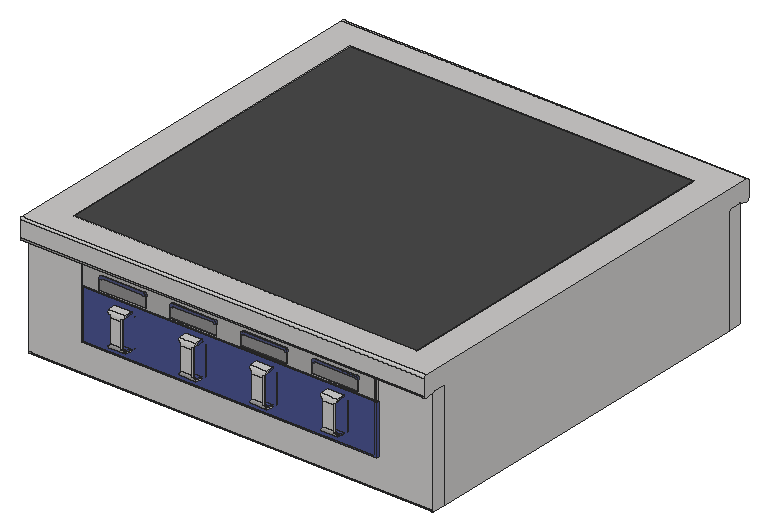
Revit family "QF_ELECTROLUXPROFESSIONAL_588022_MAIDAAHOAO", category Specialty Equipment, Revit 2018
Family settings
  Round Connector Dimension = Use Diameter
  Part Type = Normal
  Work Plane-Based = No
  Always vertical = Yes
  Cut with Voids When Loaded = No
  Shared = No
  Room Calculation Point = No
Parameters
  Weight in Pounds = 97.0034
  Watts = 20000 VA  # 20000 W
  Volts = 400 V  # constant formula
  URL Cutsheet = ""
  Type Mark [instance] = ""
  Status [instance] = ""
  Specification by User [instance] = ""
  Specification by Manufacturer = ""
  Serial Number = ""
  Seismic Rating = ""
  SMACNA No = ""
  Revision Code [instance] = ""
  Phase = 3  # constant formula
  Omniclass Number and Title = ""
  Number of Poles [instance] = 1
  NAFEM Spec ID Number = ""
  Model = "588022"
  Min Ckt Ampacity = 0 A
  Max Overcurrent Protection = 0 A
  Masterspec = ""
  Manufacturer = "ELECTROLUX"
  Item Number [instance] = ""
  Installed By [instance] = ""
  Identify Quantity as Lot [instance] = yes
  HP = "26.8 HP"
  Furnished By [instance] = ""
  Foodservice Equipment Identifier [instance] = yes
  FL Amps [instance] = if(Phase = 3, Watts / (Volts * 1.73), Watts / Volts)  # 28.9017 A
  Electrical Remarks = "400 V/3N ph/50/60 Hz"  # constant formula
  Electric Connection Type [instance] = ""
  Elec Conn RI Height [instance] = 0 mm
  Elec Conn Connection Height [instance] = 0 mm
  Direct Waste Size = 0"
  Description = "INDUCTION TOP,4 ZONES,1-S,800X800X250H"
  Cycle [instance] = if([60 Hertz Option], 60 Hz, 50 Hz)  # 60 Hz
  Conn Plug = ""
  Conn Conduit = yes
  CSI MasterFormat = ""
  CSI Master Format = ""
  Back Panel [instance] = yes
  Apparent Power [instance] = if(Phase = 3, Volts * FL Amps * 1.73, Volts * FL Amps)  # 20000 VA
  60 Hertz Option [instance] = not([50 Hertz Option])  # yes
  50 Hertz Option [instance] = no
Reference planes
  plane 1 "BACK": y = 0
  plane 2: z = 0
  plane 3 "LEFT": x = 0
  plane 4 "RIGHT": x = 800
  plane 5 "FRONT": y = -800
  plane 6 "TOP": z = 250
  plane 7: x = 400
  plane 8: y = -400
Forms (mm)
  Extrusion 1, solid, material "QF_Finishes_Stainless Steel"
    sketch origin (0, -487.128, 0) x (0, 1, 0) y (0, 0, 1)
      loop
        line (483.128, 250) -> (-308.872, 250)
        arc (-308.872, 250) -> (-311.7, 248.828) -> (-312.872, 246) r 4
        line (-312.872, 246) -> (-312.872, 214)
        arc (-312.872, 214) -> (-311.443, 210.936) -> (-308.177, 210.061) r 4
        line (-308.177, 210.061) -> (-291.509, 213) -> (-266.872, 213) -> (-266.872, 0) -> (441.128, 0) -> (441.128, 213) -> (465.765, 213) -> (482.433, 210.061)
        arc (482.433, 210.061) -> (485.699, 210.936) -> (487.128, 214) r 4
        line (487.128, 214) -> (487.128, 246)
        arc (487.128, 246) -> (485.956, 248.828) -> (483.128, 250) r 4
    from 0 to 800
  Extrusion 2, solid, material "QF_Finishes_Stainless Steel", visible <- "Back Panel"
    sketch origin (0, 0, 0) x (0, 1, 0) y (0, 0, 1)
      loop
        line (-46, 0) -> (-20, 0) -> (-20, 215)
        arc (-20, 215) -> (-20.586, 213.586) -> (-22, 213) r 2
        line (-22, 213) -> (-46, 213) -> (-46, 0)
    from 0 to 800
  Extrusion 3, void
    sketch origin (653.786, 44.048, 250) x (1, 0, 0) y (0, -1, 0)
      loop
        line (-593.786, 104.048) -> (86.214, 104.048) -> (86.214, 787.779) -> (-593.786, 787.779) -> (-593.786, 104.048)
    from 0 to 37
  Extrusion 4, solid, material "QF_Finishes_Stainless Steel"
    sketch origin (0, -754, 0) x (1, 0, 0) y (0, -1, 0)
      loop
        circle (755, -69) r 6.35
    from 0 to 3.2
  Extrusion 5, solid, material "QF_Finishes_Black"
    sketch origin (653.786, 44.048, 213) x (1, 0, 0) y (0, 1, 0)
      loop
        line (-593.786, -787.779) -> (86.214, -787.779) -> (86.214, -104.048) -> (-593.786, -104.048) -> (-593.786, -787.779)
    from 0 to 37
Cuts and joins
  Extrusion 3 cuts Extrusion 1
Lines and regions (mm)
  symbolic lines
    curve 1: line (0, 0, 0) -> (800, 0, 0)
    curve 2: line (0, -800, 0) -> (0, 0, 0)
    curve 3: line (800, -800, 0) -> (0, -800, 0)
    curve 4: line (800, 0, 0) -> (800, -800, 0)
    curve 5: line (740, -743.73, 0) -> (740, -60, 0)
    curve 6: line (740, -60, 0) -> (60, -60, 0)
    curve 7: line (60, -60, 0) -> (60, -743.73, 0)
    curve 8: line (60, -743.73, 0) -> (740, -743.73, 0)
    curve 9: line (173.641, -802.406, 0) -> (173.641, -800, 0)
    curve 10: spline (179.31, -803.811, 0) -> (178.831, -803.737, 0) -> (178.353, -803.656, 0) -> (177.876, -803.566, 0) -> (177.4, -803.469, 0) -> (176.925, -803.364, 0) -> (176.452, -803.25, 0) -> (175.98, -803.129, 0) -> (175.509, -803, 0) -> (175.039, -802.863, 0) -> (174.572, -802.719, 0) -> (174.105, -802.566, 0) -> (173.641, -802.406, 0)
    curve 11: line (205.857, -802.406, 0) -> (205.857, -800, 0)
    curve 12: spline (205.857, -802.406, 0) -> (205.392, -802.566, 0) -> (204.926, -802.719, 0) -> (204.458, -802.863, 0) -> (203.989, -803, 0) -> (203.518, -803.129, 0) -> (203.046, -803.25, 0) -> (202.572, -803.364, 0) -> (202.098, -803.469, 0) -> (201.622, -803.566, 0) -> (201.145, -803.656, 0) -> (200.667, -803.737, 0) -> (200.188, -803.811, 0)
    curve 13: line (179.31, -803.811, 0) -> (200.188, -803.811, 0)
    curve 14: line (313.892, -802.406, 0) -> (313.892, -800, 0)
    curve 15: spline (319.561, -803.811, 0) -> (319.082, -803.737, 0) -> (318.604, -803.656, 0) -> (318.127, -803.566, 0) -> (317.651, -803.469, 0) -> (317.177, -803.364, 0) -> (316.703, -803.25, 0) -> (316.231, -803.129, 0) -> (315.76, -803, 0) -> (315.29, -802.863, 0) -> (314.823, -802.719, 0) -> (314.357, -802.566, 0) -> (313.892, -802.406, 0)
    curve 16: line (346.108, -802.406, 0) -> (346.108, -800, 0)
    curve 17: spline (346.108, -802.406, 0) -> (345.643, -802.566, 0) -> (345.177, -802.719, 0) -> (344.71, -802.863, 0) -> (344.24, -803, 0) -> (343.769, -803.129, 0) -> (343.297, -803.25, 0) -> (342.823, -803.364, 0) -> (342.349, -803.469, 0) -> (341.873, -803.566, 0) -> (341.396, -803.656, 0) -> (340.918, -803.737, 0) -> (340.439, -803.811, 0)
    curve 18: line (319.561, -803.811, 0) -> (340.439, -803.811, 0)
    curve 19: line (626.359, -802.406, 0) -> (626.359, -800, 0)
    curve 20: spline (620.69, -803.811, 0) -> (621.169, -803.737, 0) -> (621.647, -803.656, 0) -> (622.124, -803.566, 0) -> (622.6, -803.469, 0) -> (623.075, -803.364, 0) -> (623.548, -803.25, 0) -> (624.02, -803.129, 0) -> (624.491, -803, 0) -> (624.961, -802.863, 0) -> (625.428, -802.719, 0) -> (625.895, -802.566, 0) -> (626.359, -802.406, 0)
    curve 21: line (594.143, -802.406, 0) -> (594.143, -800, 0)
    curve 22: spline (594.143, -802.406, 0) -> (594.608, -802.566, 0) -> (595.074, -802.719, 0) -> (595.542, -802.863, 0) -> (596.011, -803, 0) -> (596.482, -803.129, 0) -> (596.954, -803.25, 0) -> (597.428, -803.364, 0) -> (597.902, -803.469, 0) -> (598.378, -803.566, 0) -> (598.855, -803.656, 0) -> (599.333, -803.737, 0) -> (599.812, -803.811, 0)
    curve 23: line (620.69, -803.811, 0) -> (599.812, -803.811, 0)
    curve 24: line (486.108, -802.406, 0) -> (486.108, -800, 0)
    curve 25: spline (480.439, -803.811, 0) -> (480.918, -803.737, 0) -> (481.396, -803.656, 0) -> (481.873, -803.566, 0) -> (482.349, -803.469, 0) -> (482.823, -803.364, 0) -> (483.297, -803.25, 0) -> (483.769, -803.129, 0) -> (484.24, -803, 0) -> (484.71, -802.863, 0) -> (485.177, -802.719, 0) -> (485.643, -802.566, 0) -> (486.108, -802.406, 0)
    curve 26: line (453.892, -802.406, 0) -> (453.892, -800, 0)
    curve 27: spline (453.892, -802.406, 0) -> (454.357, -802.566, 0) -> (454.823, -802.719, 0) -> (455.29, -802.863, 0) -> (455.76, -803, 0) -> (456.231, -803.129, 0) -> (456.703, -803.25, 0) -> (457.177, -803.364, 0) -> (457.651, -803.469, 0) -> (458.127, -803.566, 0) -> (458.604, -803.656, 0) -> (459.082, -803.737, 0) -> (459.561, -803.811, 0)
    curve 28: line (480.439, -803.811, 0) -> (459.561, -803.811, 0)
Dimensions and locks
  plane 3 "LEFT" to plane 4 "RIGHT" = 800 mm
  plane 5 "FRONT" to plane 1 "BACK" = 800 mm
  equal spacing: plane 3 "LEFT", plane 7, plane 4 "RIGHT"
  equal spacing: plane 5 "FRONT", plane 8, plane 1 "BACK"
  plane 6 "TOP" to level = 250 mm  (x2)
  plane 1 "BACK" to plane 5 "FRONT" = 800 mm
  Extrusion 4 sketch curve to plane 1 "BACK" = 685 mm
  Extrusion 4 sketch curve to plane 4 "RIGHT" = 45 mm
  aligned and locked: level to plane 2
  aligned and locked: cut or joined group of Extrusion 1, Extrusion 3 to plane 4 "RIGHT"
  aligned and locked: Extrusion 2 to plane 4 "RIGHT"
  aligned and locked: plane 7 to nested 1
Automatic sketch dimensions
  Extrusion 1 sketch curve to plane 5 "FRONT" = 0 mm
  Extrusion 1 sketch curve to plane 6 "TOP" = 0 mm
  Extrusion 1 sketch curve to level = 0 mm
  Extrusion 1 sketch curve to plane 1 "BACK" = 0 mm
  Extrusion 1 sketch curve to plane 6 "TOP" = 37 mm  (x2)
  Extrusion 1 sketch curve to plane 5 "FRONT" = 4 mm
  Extrusion 1 sketch curve to plane 5 "FRONT" = 21.363 mm
  Extrusion 1 sketch curve to Extrusion 1 sketch curve = 24.637 mm
  plane 1 "BACK" to Extrusion 1 sketch curve = 46 mm
  plane 1 "BACK" to Extrusion 1 sketch curve = 21.363 mm
  plane 1 "BACK" to Extrusion 1 sketch curve = 4 mm  (x2)
  Extrusion 1 sketch curve to Extrusion 1 sketch curve = 4 mm
  Extrusion 1 sketch curve to Extrusion 1 sketch curve = 0.695 mm
  Extrusion 1 sketch curve to Extrusion 1 sketch curve = 0 mm  (x4)
  plane 1 "BACK" to Extrusion 1 sketch curve = 4.695 mm
  Extrusion 1 sketch curve to Extrusion 1 sketch curve = 1 mm  (x2)
  Extrusion 2 sketch curve to level = 0 mm
  Extrusion 2 sketch curve to Extrusion 2 sketch curve = 26 mm
  Extrusion 2 sketch curve to Extrusion 2 sketch curve = 2 mm
  Extrusion 2 sketch curve to plane 6 "TOP" = 37 mm
  plane 1 "BACK" to curve 1 = 0 mm
  curve 1 to plane 4 "RIGHT" = 0 mm
  curve 2 to plane 3 "LEFT" = 0 mm
  plane 5 "FRONT" to curve 3 = 0 mm
  plane 4 "RIGHT" to curve 8 = 60 mm
  plane 5 "FRONT" to curve 19 = 2.406 mm
  curve 5 to curve 19 = 113.641 mm
  plane 5 "FRONT" to curve 23 = 3.811 mm
  curve 19 to curve 23 = 5.669 mm
  curve 20 to curve 23 = 20.878 mm
  plane 5 "FRONT" to curve 21 = 2.406 mm
  curve 22 to curve 21 = 5.669 mm
  plane 5 "FRONT" to curve 24 = 2.406 mm
  plane 7 to curve 24 = 86.108 mm
  plane 5 "FRONT" to curve 28 = 3.811 mm
  curve 24 to curve 28 = 5.669 mm
  curve 25 to curve 28 = 20.878 mm
  plane 5 "FRONT" to curve 26 = 2.406 mm
  curve 27 to curve 26 = 5.669 mm
  plane 5 "FRONT" to curve 16 = 2.406 mm
  curve 16 to plane 7 = 53.892 mm
  plane 5 "FRONT" to curve 18 = 3.811 mm
  curve 17 to curve 18 = 5.669 mm
  curve 17 to curve 18 = 20.878 mm
  plane 5 "FRONT" to curve 14 = 2.406 mm
  curve 15 to curve 14 = 5.669 mm
  plane 5 "FRONT" to curve 11 = 2.406 mm
  curve 14 to curve 11 = 108.035 mm
  plane 5 "FRONT" to curve 13 = 3.811 mm
  curve 12 to curve 13 = 5.669 mm
  curve 12 to curve 13 = 20.878 mm
  plane 5 "FRONT" to curve 9 = 2.406 mm
  curve 13 to curve 9 = 5.669 mm
  plane 3 "LEFT" to curve 7 = 60 mm
  plane 5 "FRONT" to curve 20 = 4.112 mm
  curve 20 to curve 20 = 4.17 mm
  plane 5 "FRONT" to curve 22 = 4.112 mm
  curve 22 to curve 22 = 4.17 mm
  curve 24 to curve 25 = 9.839 mm
  plane 5 "FRONT" to curve 27 = 4.112 mm
  curve 27 to curve 28 = 4.17 mm
  curve 16 to curve 17 = 9.839 mm
  curve 17 to curve 15 = 12.538 mm
  curve 11 to curve 12 = 9.839 mm
  curve 12 to curve 10 = 12.538 mm
  plane 1 "BACK" to curve 7 = 60 mm
  curve 8 to plane 5 "FRONT" = 56.27 mm
  curve 27 to curve 25 = 0 mm
  curve 12 to plane 5 "FRONT" = 39.02 mm
  curve 17 to plane 5 "FRONT" = 39.02 mm
  curve 15 to curve 17 = 0 mm
  curve 10 to curve 12 = 0 mm
  Extrusion 1 to Extrusion 3 sketch curve = 60 mm  (x2)
  Extrusion 1 to Extrusion 3 sketch curve = 52.27 mm
  Extrusion 1 to Extrusion 3 sketch curve = 56 mm
  Extrusion 5 sketch curve to Extrusion 3 = 0 mm  (x3)
  Extrusion 3 to Extrusion 5 sketch curve = 0 mm
  plane 1 "BACK" to Extrusion 2 sketch curve = 22 mm
  radius of Extrusion 4 sketch curve = 6.35 mm
Nested families
  nested 1: "IDT_800_1000 Front Panel Four Controls" at (-200, -754, -650), type "IDT_800_1000 Front Panel Four Controls"
Connectors
  electrical at (755, -685, -3.2), driven by "Volts", driven by "Watts"
    settings: on Extrusion 4, index 1, voltage 400 V, apparent load 20000 VA, apparent load phase1 0 VA, apparent load phase2 0 VA, apparent load phase3 0 VA, power factor 1, load classification "Other", number of poles 1, system type 30, power factor state 1, is connector primary yes, connector utility no, sub classification motor no, connector description "ELECTRICAL CONNECTION"
Definition of nested family "IDT_800_1000 Front Panel Four Controls"
  Parameters
    Keynote = ""
  Reference planes
    plane 1 "Center (Front/Back)": y = 0
    plane 2: z = 0
    plane 3 "Center (Left/Right)": x = 100
    plane 4: x = 600
    plane 5: x = 389.749
    plane 6: x = 530
    plane 7: x = 670.079
    plane 8: x = 809.948
  Forms (mm)
    Extrusion 1, void
      sketch origin (1213.217, 829.203, -1.25) x (1, 0, 0) y (0, 0, 1)
        loop
          line (-321.217, 853.25) -> (-905.217, 853.25) -> (-905.217, 711.25) -> (-321.217, 711.25) -> (-321.217, 853.25)
      from 843.409 to 854.203
    Extrusion 2, solid
      sketch origin (1133.217, 829.203, -1.25) x (0, 1, 0) y (0, 0, 1)
        loop
          arc (-854.203, 654.25) -> (-853.324, 652.129) -> (-851.203, 651.25) r 3
          line (-851.203, 651.25) -> (-829.203, 651.25) -> (-829.203, 864.25) -> (-854.203, 864.25) -> (-854.203, 654.25)
      from -933.217 to -133.217
  Nested families
    nested 1: "1200 Glass Panel with Four Reads" at (308, -30, 5.811), type "1200 Glass Panel with Four Reads"
    nested 2: "Sml  Range Control Handle" at (389.749, -26.645, -204.867), type "Sml  Range Control Handle"
    nested 3: "Sml  Range Control Handle" at (529.638, -26.645, -204.867), type "Sml  Range Control Handle"
    nested 4: "Sml  Range Control Handle" at (670.079, -26.645, -204.867), type "Sml  Range Control Handle"
    nested 5: "Sml  Range Control Handle" at (810.079, -26.645, -204.867), type "Sml  Range Control Handle"
  Definition of nested family "1200 Glass Panel with Four Reads"
    Reference planes
      plane 1 "Center (Front/Back)": y = 0
      plane 2: z = 0
      plane 3 "Center (Left/Right)": x = 0
      plane 4: x = 584
      plane 5: x = 581.091
      plane 6 "Top": z = 846.189
      plane 7 "Center": x = 292
    Forms (mm)
      Extrusion 1, solid
        sketch origin (550.286, 304.8, -4.308) x (1, 0, 0) y (0, 0, 1)
          loop
            line (-550.286, 806.791) -> (-550.286, 708.497) -> (33.714, 708.497) -> (33.714, 806.791) -> (-550.286, 806.791)
        from 300.031 to 304.8
      Extrusion 2, solid
        sketch origin (550.286, 304.8, -4.308) x (1, 0, 0) y (0, 0, 1)
          loop
            line (-550.286, 850.497) -> (-550.286, 806.791) -> (33.714, 806.791) -> (33.714, 850.497) -> (-550.286, 850.497)
        from 300.031 to 304.8
      Extrusion 3, void
        sketch origin (550.286, 304.8, -4.308) x (1, 0, 0) y (0, 0, 1)
          loop
            line (-547.628, 847.565) -> (-547.628, 710.699) -> (30.804, 710.699) -> (30.804, 847.565) -> (-547.628, 847.565)
        from 303.697 to 304.8
      Extrusion 4, solid, not visible
        sketch origin (550.286, 305.901, -4.308) x (1, 0, 0) y (0, 0, 1)
          loop
            line (-153.041, 812.62) -> (-153.041, 834.177) -> (-157.775, 834.177) -> (-159.574, 835.977) -> (-238.324, 835.977) -> (-240.124, 834.177) -> (-245.041, 834.177) -> (-245.041, 812.62) -> (-153.041, 812.62)
        from 304.798 to 306.745
      Extrusion 5, solid, not visible
        sketch origin (550.286, 305.901, -4.308) x (1, 0, 0) y (0, 0, 1)
          loop
            line (-240.027, 834.177) -> (-238.227, 835.977) -> (-159.594, 835.977) -> (-157.794, 834.177) -> (-153.083, 834.177)
            arc (-153.083, 834.177) -> (-154.26, 838.752) -> (-158.535, 840.763) r 5.549
            line (-158.535, 840.763) -> (-239.444, 840.763)
            arc (-239.444, 840.763) -> (-243.699, 838.747) -> (-244.835, 834.177) r 5.5
            line (-244.835, 834.177) -> (-240.027, 834.177)
        from 304.798 to 306.745
      Extrusion 6, solid
        sketch origin (700.989, 305.901, -4.308) x (1, 0, 0) y (0, 0, 1)
          loop
            line (-153.041, 812.62) -> (-153.041, 834.177) -> (-157.775, 834.177) -> (-159.574, 835.977) -> (-238.324, 835.977) -> (-240.124, 834.177) -> (-245.041, 834.177) -> (-245.041, 812.62) -> (-153.041, 812.62)
        from 304.798 to 306.745
      Extrusion 7, solid
        sketch origin (700.989, 305.901, -4.308) x (1, 0, 0) y (0, 0, 1)
          loop
            line (-240.027, 834.177) -> (-238.227, 835.977) -> (-159.594, 835.977) -> (-157.794, 834.177) -> (-153.083, 834.177)
            arc (-153.083, 834.177) -> (-154.26, 838.752) -> (-158.535, 840.763) r 5.549
            line (-158.535, 840.763) -> (-239.444, 840.763)
            arc (-239.444, 840.763) -> (-243.699, 838.747) -> (-244.835, 834.177) r 5.5
            line (-244.835, 834.177) -> (-240.027, 834.177)
        from 304.798 to 306.745
      Extrusion 8, solid
        sketch origin (560.989, 305.901, -4.308) x (1, 0, 0) y (0, 0, 1)
          loop
            line (-153.041, 812.62) -> (-153.041, 834.177) -> (-157.775, 834.177) -> (-159.574, 835.977) -> (-238.324, 835.977) -> (-240.124, 834.177) -> (-245.041, 834.177) -> (-245.041, 812.62) -> (-153.041, 812.62)
        from 304.798 to 306.745
      Extrusion 9, solid
        sketch origin (560.989, 305.901, -4.308) x (1, 0, 0) y (0, 0, 1)
          loop
            line (-240.027, 834.177) -> (-238.227, 835.977) -> (-159.594, 835.977) -> (-157.794, 834.177) -> (-153.083, 834.177)
            arc (-153.083, 834.177) -> (-154.26, 838.752) -> (-158.535, 840.763) r 5.549
            line (-158.535, 840.763) -> (-239.444, 840.763)
            arc (-239.444, 840.763) -> (-243.699, 838.747) -> (-244.835, 834.177) r 5.5
            line (-244.835, 834.177) -> (-240.027, 834.177)
        from 304.798 to 306.745
      Extrusion 10, solid
        sketch origin (700.989, 305.901, -4.308) x (1, 0, 0) y (0, 0, 1)
          loop
            line (-665.188, 812.62) -> (-573.188, 812.62) -> (-573.188, 834.177) -> (-578.105, 834.177) -> (-579.905, 835.977) -> (-658.655, 835.977) -> (-660.455, 834.177) -> (-665.188, 834.177) -> (-665.188, 812.62)
        from 304.798 to 306.745
      Extrusion 11, solid
        sketch origin (700.989, 305.901, -4.308) x (1, 0, 0) y (0, 0, 1)
          loop
            line (-578.203, 834.177) -> (-573.394, 834.177)
            arc (-573.394, 834.177) -> (-574.53, 838.747) -> (-578.786, 840.763) r 5.5
            line (-578.786, 840.763) -> (-659.695, 840.763)
            arc (-659.695, 840.763) -> (-663.97, 838.752) -> (-665.146, 834.177) r 5.549
            line (-665.146, 834.177) -> (-660.435, 834.177) -> (-658.636, 835.977) -> (-580.003, 835.977) -> (-578.203, 834.177)
        from 304.798 to 306.745
      Extrusion 12, solid
        sketch origin (560.989, 305.901, -4.308) x (1, 0, 0) y (0, 0, 1)
          loop
            line (-385.188, 812.62) -> (-293.188, 812.62) -> (-293.188, 834.177) -> (-298.105, 834.177) -> (-299.905, 835.977) -> (-378.655, 835.977) -> (-380.455, 834.177) -> (-385.188, 834.177) -> (-385.188, 812.62)
        from 304.798 to 306.745
      Extrusion 13, solid
        sketch origin (560.989, 305.901, -4.308) x (1, 0, 0) y (0, 0, 1)
          loop
            line (-298.203, 834.177) -> (-293.394, 834.177)
            arc (-293.394, 834.177) -> (-294.53, 838.747) -> (-298.786, 840.763) r 5.5
            line (-298.786, 840.763) -> (-379.695, 840.763)
            arc (-379.695, 840.763) -> (-383.97, 838.752) -> (-385.146, 834.177) r 5.549
            line (-385.146, 834.177) -> (-380.435, 834.177) -> (-378.636, 835.977) -> (-300.003, 835.977) -> (-298.203, 834.177)
        from 304.798 to 306.745
    Cuts and joins
      Extrusion 3 cuts Extrusion 1
      Extrusion 3 cuts Extrusion 2
    Lines and regions (mm)
      symbolic lines
        curve 1: line (0, 4.769, 0) -> (584, 4.769, 0)
    Dimensions and locks
      aligned and locked: Extrusion 1 to Extrusion 2
      aligned and locked: Extrusion 6 to Extrusion 7
      aligned and locked: Extrusion 8 to Extrusion 9
      aligned and locked: Extrusion 10 to Extrusion 11
      aligned and locked: Extrusion 12 to Extrusion 13
  Definition of nested family "Sml  Range Control Handle"
    Reference planes
      plane 1 "Center (Front/Back)": y = 0
      plane 2: z = 0
      plane 3 "Center (Left/Right)": x = 0
      plane 4: z = 971.092
    Forms (mm)
      Extrusion 1, solid
        sketch origin (-746.28, 380.497, 208.931) x (-1, 0, 0) y (0, 0, 1)
          loop
            line (-770.101, 786.798) -> (-770.101, 731.649)
            arc (-770.101, 731.649) -> (-769.759, 730.563) -> (-768.855, 729.87) r 1.893
            line (-768.855, 729.87) -> (-763.474, 727.911) -> (-729.81, 727.911) -> (-724.428, 729.87)
            arc (-724.428, 729.87) -> (-723.525, 730.563) -> (-723.183, 731.649) r 1.893
            line (-723.183, 731.649) -> (-723.183, 786.798)
            arc (-723.183, 786.798) -> (-723.529, 787.894) -> (-724.44, 788.593) r 1.91
            line (-724.44, 788.593) -> (-729.683, 790.819) -> (-763.601, 790.819) -> (-768.844, 788.593)
            arc (-768.844, 788.593) -> (-769.755, 787.894) -> (-770.101, 786.798) r 1.91
        from -382.35 to -378.852
      Sweep 2, solid
        path origin (-746.788, 380.496, 208.091) x (0, -1, 0) y (0, 0, 1)
          loop
            line (379.775, 793.281) -> (395.661, 791.048)
            arc (395.661, 791.048) -> (397.781, 787.377) -> (398.517, 783.202) r 12.207
            line (398.517, 783.202) -> (398.517, 737.368)
            arc (398.517, 737.368) -> (397.781, 733.193) -> (395.661, 729.522) r 12.207
            line (395.661, 729.522) -> (379.775, 727.289)
        profile origin (-746.788, -7.222, 1000.256) x (0, -0.139173, 0.990268) y (-1, 0, 0)
          loop
            line (0.782, -763.123) -> (0.782, -730.907) -> (-1.322, -730.907) -> (-1.322, -763.123) -> (0.782, -763.123)
      Sweep 3, solid
        path origin (-746.788, 380.715, 207.832) x (0, -1, 0) y (0, 0, 1)
          loop
            line (380.478, 795.442) -> (397.218, 793.09)
            arc (397.218, 793.09) -> (399.929, 788.473) -> (400.871, 783.202) r 15.207
            line (400.871, 783.202) -> (400.871, 737.584)
            arc (400.871, 737.584) -> (399.914, 732.274) -> (397.164, 727.633) r 15.207
            line (397.164, 727.633) -> (380.601, 725.305)
        profile origin (-746.788, -8.132, 1002.099) x (0, -0.139173, 0.990268) y (-1, 0, 0)
          loop
            line (0.782, -763.123) -> (0.782, -730.907) -> (-1.322, -730.907) -> (-1.322, -763.123) -> (0.782, -763.123)
      Extrusion 4, void
        sketch origin (889.253, 220.666, 207.993) x (1, 0, 0) y (0, 0, 1)
          loop
            line (-943.038, 816.854) -> (-943.038, 703.686) -> (-899.466, 734.196) -> (-899.466, 786.344) -> (-943.038, 816.854)
        from 230.636 to 242.25
      Extrusion 5, void
        sketch origin (-888.8, 220.666, 207.993) x (-1, 0, 0) y (0, 0, -1)
          loop
            line (-943.038, -816.854) -> (-899.466, -786.344) -> (-899.466, -734.196) -> (-943.038, -703.686) -> (-943.038, -816.854)
        from 230.636 to 242.25
      Extrusion 6, solid
        sketch origin (0, 0, 0) x (1, 0, 0) y (0, 0, 1)
          loop
            circle (0, 971.092) r 7.736
        from -3.137 to -1.645
    Cuts and joins
      Extrusion 4, Extrusion 5 cuts Sweep 3
      Extrusion 4, Extrusion 5 cuts Sweep 2
      joined: Extrusion 1, Extrusion 6
    Lines and regions (mm)
      symbolic lines
        curve 1: line (23.821, 1.645, 0) -> (-23.097, 1.645, 0)
        curve 2: line (16.334, -1.853, 0) -> (23.821, -1.853, 0)
        curve 3: line (-15.881, -19.189, 0) -> (-15.881, -1.853, 0)
        curve 4: line (-23.097, -1.853, 0) -> (-15.881, -1.853, 0)
        curve 5: line (16.334, -19.189, 0) -> (16.334, -1.853, 0)
        curve 6: spline (-15.881, -19.189, 0) -> (-15.417, -19.349, 0) -> (-14.951, -19.501, 0) -> (-14.483, -19.646, 0) -> (-14.014, -19.783, 0) -> (-13.543, -19.912, 0) -> (-13.071, -20.033, 0) -> (-12.597, -20.146, 0) -> (-12.122, -20.251, 0) -> (-11.646, -20.349, 0) -> (-11.169, -20.438, 0) -> (-10.691, -20.52, 0) -> (-10.213, -20.593, 0)
        curve 7: spline (10.666, -20.593, 0) -> (11.144, -20.52, 0) -> (11.622, -20.438, 0) -> (12.099, -20.349, 0) -> (12.575, -20.251, 0) -> (13.05, -20.146, 0) -> (13.524, -20.033, 0) -> (13.996, -19.912, 0) -> (14.467, -19.783, 0) -> (14.936, -19.646, 0) -> (15.404, -19.501, 0) -> (15.87, -19.349, 0) -> (16.334, -19.189, 0)
        curve 8: line (-10.213, -20.938, 0) -> (10.716, -20.938, 0)
        curve 9: line (-23.097, 1.645, 0) -> (-23.097, -1.853, 0)
        curve 10: line (23.821, 1.645, 0) -> (23.821, -1.853, 0)
    Dimensions and locks
      cut or joined group of Sweep 3, Extrusion 4, Extrusion 5 to cut or joined group of Sweep 3, Extrusion 4, Extrusion 5 = 71.686 mm
